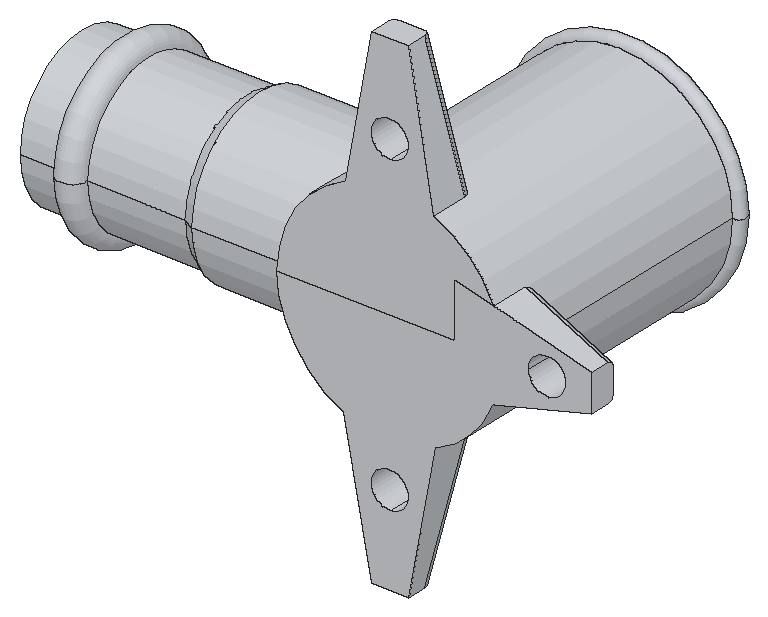
Revit family "PipeFitting_Elbow_WallPlate_PressWater-B_Conex_Female", category Pipe Fittings, Revit 2019
Family settings
  Round Connector Dimension = Use Radius
  Part Type = Elbow
  OmniClass Number = 23.60.30.11.14
  OmniClass Title = Pipework Fittings
  Work Plane-Based = No
  Always vertical = Yes
  Cut with Voids When Loaded = No
  Shared = No
Parameters (values of type "Standard_WallplateElbow")
  Z [instance] = size_lookup(Lookup Table Name, "Z", 50.00 mm, NominalDiameter_D1)  # 24.00 mm
  Uniformat IIElements = "TBC"
  URL = "http://www.conexbanninger.com.au/"
  Type Comments = "Conex Bänninger specialises in providing the best plumbing fittings and accessories across the globe by offering innovative and versatile jointing solutions. Since 1909 Conex Bänninger has produced over 10 billion copper fittings and has built its reputation for quality manufacturing, back by first-class customer service and unrivalled expertise. Passionate about excellence, Conex Bänninger is a byword for quality in the domestic, commercial, industrial, air conditioning and refrigeration markets worldwide.\r\nConex Bänninger is an ISO 9000 quality assured company, which assures you the very best in quality.\r\nConex Bänninger >B< Press is a versatile press fitting system for use with hard, half hard or soft copper tube providing a secure, life long, leak-proof joint.\r\nApproved Tools - The following tools are approved tools for installation of >B< Press fittings:\r\n•\tRomax compact (Rothenberger)\r\n•\tRomax 3000 (Rothenberger)\r\n•\tPicco (Viega)\r\n•\tPT3-AH & 4B (Viega)"
  Syambol_L [instance] = Length3 + NominalRadius_D1  # 22.50 mm
  SerialNumber [instance] = ""
  ProductCode [instance] = if(NominalDiameter_D1 = 15.00 mm, "404650", if(NominalDiameter_D1 = 20.00 mm, "404651", "ProductCode NA"))  # "404650"
  OmniclassProducts = "TBC"
  NominalRadius_D1 [instance] = NominalDiameter_D1 * 0.5  # 7.50 mm
  NominalDiameter_Rp [instance] = size_lookup(Lookup Table Name, "NominalDiameter_Rp", 50.00 mm, NominalDiameter_D1)  # 12.75 mm
  NATSPECWorkSection = "TBC"
  Model Version = "2013-03"
  Model Status [instance] = ""
  Model Specification = "BMA"
  Model = "Standard_WallplateElbow"
  Material = none
  Mark [instance] = ""
  Manufacturer = "Conex | Bänninger"  # constant formula
  NominalRadius_Rp [instance] = NominalDiameter_Rp * 0.5  # 6.375 mm
  Lookup Table Name = "Elbow_Wall Plate_PressWater-B_Conex_FEMALE"
  Length1 [instance] = size_lookup(Lookup Table Name, "Length1", 50.00 mm, NominalDiameter_D1)  # 42.00 mm
  Length3 [instance] = size_lookup(Lookup Table Name, "Length3", 50.00 mm, NominalDiameter_D1)  # 15.00 mm
  Length4 [instance] = size_lookup(Lookup Table Name, "Length4", 50.00 mm, NominalDiameter_D1)  # 18.00 mm
  Length2 [instance] = size_lookup(Lookup Table Name, "Length2", 50.00 mm, NominalDiameter_D1)  # 24.00 mm
  NominalDiameter_D1 [instance] = 15.00 mm
  FinalHHWFlow [instance] = 0.0 L/s
  Description = ">B< Press fittings are quick to fit, providing a low cost installation solution. The slimline design gives aesthetically pleasing finish with a secure, permanent joint that can´t be tampered with. >B< Press fittings are Watermark\r\n approved and certified to AS3688."
  Assembly Code = "D2090800"
Reference planes
  plane 1 "Center (Front/Back)": y = 0
  plane 2: z = 0
  plane 3 "Center (Left/Right)": x = 0
  plane 4 "Length1": x = -42
  plane 5: x = -24
  plane 6 "Length4": y = -10.5
  plane 7: y = 7.5
  plane 8 "Length3": y = 22.5
Forms (mm)
  Revolve 1, solid, material <- "Material", detail levels fine
    sketch origin (-125, -75, 0) x (1, 0, 0) y (0, 1, 0)
      loop
        line (125, 64.5) -> (137.334, 64.5) -> (137.334, 95.791)
        arc (137.334, 95.791) -> (138.188, 96.646) -> (137.334, 97.5) r 0.854
        line (137.334, 97.5) -> (131.375, 97.5) -> (131.375, 82.5) -> (125, 82.5) -> (125, 64.5)
      axis (125, 97.5) -> (125, 64.5)
    angle from 0 to 360
  Revolve 2, solid, material <- "Material", detail levels fine
    sketch origin (-125, -89, 0) x (1, 0, 0) y (0, 1, 0)
      loop
        line (83, 97.5) -> (83, 96.5) -> (125, 96.5) -> (125, 98.248) -> (102.373, 98.248) -> (101, 97.5) -> (90.313, 97.5)
        arc (90.313, 97.5) -> (88.72, 99.093) -> (87.127, 97.5) r 1.593
        line (87.127, 97.5) -> (83, 97.5)
      axis (125, 89) -> (83, 89)
    angle from 0 to 360
  Blend 3, solid, material <- "Material", detail levels fine
    base sketch origin (0.664, 4.5, 85.5) x (0, 0, -1) y (0, 1, 0)
      loop
        line (79.5, -15) -> (91.5, -15) -> (91.5, -10)
        arc (91.5, -10) -> (91.207, -9.293) -> (90.5, -9) r 1
        line (90.5, -9) -> (80.5, -9)
        arc (80.5, -9) -> (79.793, -9.293) -> (79.5, -10) r 1
        line (79.5, -10) -> (79.5, -15)
    top sketch origin (0.664, 4.5, 85.5) x (0, 0, -1) y (0, 1, 0)
      loop
        line (83.5, -15) -> (87.5, -15) -> (87.5, -12.786)
        arc (87.5, -12.786) -> (87.28, -12.256) -> (86.75, -12.036) r 0.75
        line (86.75, -12.036) -> (84.25, -12.036)
        arc (84.25, -12.036) -> (83.72, -12.256) -> (83.5, -12.786) r 0.75
        line (83.5, -12.786) -> (83.5, -15)
    from 6.329 to 21.336
  Extrusion 4, void
    sketch origin (-124.074, -91.5, 0) x (1, 0, 0) y (0, 0, 1)
      loop
        circle (141.251, 0) r 2.031
    from -92.026 to -67.08
  Blend 5, solid, material <- "Material", detail levels fine
    base sketch origin (-85.5, -1.5, 0.664) x (1, 0, 0) y (0, 1, 0)
      loop
        line (79.5, -9) -> (91.5, -9) -> (91.5, -4)
        arc (91.5, -4) -> (91.207, -3.293) -> (90.5, -3) r 1
        line (90.5, -3) -> (80.5, -3)
        arc (80.5, -3) -> (79.793, -3.293) -> (79.5, -4) r 1
        line (79.5, -4) -> (79.5, -9)
    top sketch origin (-85.5, -1.5, 0.664) x (1, 0, 0) y (0, 1, 0)
      loop
        line (83.5, -9) -> (87.5, -9) -> (87.5, -6.786)
        arc (87.5, -6.786) -> (87.28, -6.256) -> (86.75, -6.036) r 0.75
        line (86.75, -6.036) -> (84.25, -6.036)
        arc (84.25, -6.036) -> (83.72, -6.256) -> (83.5, -6.786) r 0.75
        line (83.5, -6.786) -> (83.5, -9)
    from 4.096 to 26.336
  Extrusion 6, void
    sketch origin (0, -91.5, -124.074) x (0, 0, 1) y (-1, 0, 0)
      loop
        circle (141.251, 0) r 2.031
    from -92.026 to -67.08
  Blend 7, solid, material <- "Material", detail levels fine
    base sketch origin (-85.5, -1.5, -0.664) x (0, -1, 0) y (1, 0, 0)
      loop
        line (9, 79.5) -> (9, 91.5) -> (4, 91.5)
        arc (4, 91.5) -> (3.293, 91.207) -> (3, 90.5) r 1
        line (3, 90.5) -> (3, 80.5)
        arc (3, 80.5) -> (3.293, 79.793) -> (4, 79.5) r 1
        line (4, 79.5) -> (9, 79.5)
    top sketch origin (-85.5, -1.5, -0.664) x (0, -1, 0) y (1, 0, 0)
      loop
        line (9, 83.5) -> (9, 87.5) -> (6.786, 87.5)
        arc (6.786, 87.5) -> (6.256, 87.28) -> (6.036, 86.75) r 0.75
        line (6.036, 86.75) -> (6.036, 84.25)
        arc (6.036, 84.25) -> (6.256, 83.72) -> (6.786, 83.5) r 0.75
        line (6.786, 83.5) -> (9, 83.5)
    from -5.545 to -26.336
  Extrusion 8, void
    sketch origin (0, -91.5, 124.074) x (0, 0, -1) y (1, 0, 0)
      loop
        circle (141.251, 0) r 2.031
    from -92.026 to -67.08
Cuts and joins
  Extrusion 4 cuts Blend 3
  Extrusion 6 cuts Blend 5
  Extrusion 8 cuts Blend 7
  joined: Revolve 1, Revolve 2, Blend 3, Blend 5, Blend 7
Lines and regions (mm)
  reference lines
    curve 1: line (-24, 0, 0) -> (0, 0, 0)
    curve 2: line (0, 0, 0) -> (0, 7.5, 0)
Dimensions and locks
  "Z": plane 5 to plane 3 "Center (Left/Right)"
  "Length1": plane 4 "Length1" to plane 3 "Center (Left/Right)"
  "NominalRadius_D1": plane 1 "Center (Front/Back)" to plane 7
  "Length3": plane 8 "Length3" to plane 7
  "Length4": plane 7 to plane 6 "Length4"
  locked: Revolve 2 sketch curve to Revolve 2 sketch curve at 1
  locked: plane 7 to Revolve 2 sketch curve at 1.748
  "NominalRadius_Rp": plane 3 "Center (Left/Right)" to Revolve 1 sketch curve
  radius of Revolve 1 sketch curve = 0.854 mm
  aligned and locked: level to plane 2
  aligned and locked: Revolve 2 sketch curve to Revolve 2 sketch curve
  aligned and locked: Revolve 2 sketch curve to plane 1 "Center (Front/Back)"
  aligned and locked: Revolve 2 sketch curve to plane 4 "Length1"
  aligned and locked: Revolve 1 sketch curve to plane 6 "Length4"
  aligned and locked: plane 8 "Length3" to Revolve 1 sketch curve
  aligned and locked: Revolve 1 sketch curve to plane 3 "Center (Left/Right)"
  aligned and locked: plane 5 to Revolve 2 sketch curve
  aligned and locked: Revolve 2 to plane 3 "Center (Left/Right)"
  aligned and locked: nested 1 to plane 1 "Center (Front/Back)"
  aligned and locked: nested 1 to plane 3 "Center (Left/Right)"
  aligned and locked: plane 7 to Revolve 1 sketch curve
  aligned and locked: plane 5 to curve 1
  aligned and locked: plane 3 "Center (Left/Right)" to curve 1
  aligned and locked: plane 1 "Center (Front/Back)" to curve 1
  aligned and locked: plane 7 to curve 2
  aligned and locked: plane 1 "Center (Front/Back)" to curve 2
Automatic sketch dimensions
  Blend 3 sketch curve to plane 6 "Length4" = 0.00 mm  (x2)
  level to Blend 3 sketch curve = 6.00 mm
  plane 6 "Length4" to Blend 3 sketch curve = 5.00 mm
  Blend 3 sketch curve to Blend 3 sketch curve = 1.00 mm  (x2)
  Blend 3 sketch curve to level = 5.00 mm
  level to Blend 3 sketch curve = 2.00 mm
  plane 6 "Length4" to Blend 3 sketch curve = 2.214 mm
  Blend 3 sketch curve to Blend 3 sketch curve = 0.75 mm  (x2)
  Blend 3 sketch curve to level = 1.25 mm
  Extrusion 4 sketch curve to level = 0.00 mm
  plane 3 "Center (Left/Right)" to Extrusion 4 sketch curve = 17.177 mm
  Blend 5 sketch curve to plane 6 "Length4" = 0.00 mm  (x2)
  Blend 5 sketch curve to plane 3 "Center (Left/Right)" = 6.00 mm
  plane 6 "Length4" to Blend 5 sketch curve = 5.00 mm
  Blend 5 sketch curve to Blend 5 sketch curve = 1.00 mm  (x2)
  plane 3 "Center (Left/Right)" to Blend 5 sketch curve = 5.00 mm
  Blend 5 sketch curve to plane 3 "Center (Left/Right)" = 2.00 mm
  plane 6 "Length4" to Blend 5 sketch curve = 2.214 mm
  Blend 5 sketch curve to Blend 5 sketch curve = 0.75 mm  (x2)
  plane 3 "Center (Left/Right)" to Blend 5 sketch curve = 1.25 mm
  Extrusion 6 sketch curve to plane 3 "Center (Left/Right)" = 0.00 mm
  level to Extrusion 6 sketch curve = 17.177 mm
  Blend 7 sketch curve to plane 6 "Length4" = 0.00 mm  (x2)
  Blend 7 sketch curve to plane 3 "Center (Left/Right)" = 6.00 mm
  plane 6 "Length4" to Blend 7 sketch curve = 5.00 mm  (x2)
  Blend 7 sketch curve to Blend 7 sketch curve = 1.00 mm
  plane 3 "Center (Left/Right)" to Blend 7 sketch curve = 5.00 mm
  Blend 7 sketch curve to plane 3 "Center (Left/Right)" = 2.00 mm
  plane 6 "Length4" to Blend 7 sketch curve = 2.214 mm  (x2)
  Blend 7 sketch curve to Blend 7 sketch curve = 0.75 mm
  plane 3 "Center (Left/Right)" to Blend 7 sketch curve = 1.25 mm
  Extrusion 8 sketch curve to plane 3 "Center (Left/Right)" = 0.00 mm
  Extrusion 8 sketch curve to level = 17.177 mm
  Revolve 2 sketch curve to plane 7 = 0.00 mm
  plane 4 "Length1" to Revolve 2 sketch curve = 4.127 mm
  Revolve 2 sketch curve to Revolve 2 sketch curve = 3.186 mm
  Revolve 2 sketch curve to plane 3 "Center (Left/Right)" = 0.00 mm
  Revolve 2 sketch curve to plane 5 = 9.557 mm
  plane 5 to Revolve 2 sketch curve = 1.373 mm
  plane 5 to Revolve 2 sketch curve = 8.742 mm
  Revolve 1 sketch curve to plane 3 "Center (Left/Right)" = 0.00 mm
  plane 3 "Center (Left/Right)" to Revolve 1 sketch curve = 12.334 mm
  Revolve 1 sketch curve to Revolve 1 sketch curve = 1.783 mm
  Revolve 1 sketch curve to plane 8 "Length3" = 0.125 mm
  radius of Extrusion 4 sketch curve = 2.031 mm
  radius of Extrusion 6 sketch curve = 2.031 mm
  radius of Extrusion 8 sketch curve = 2.031 mm
Nested families
  nested 1: "Elbow S" at (-42, 22.5, 0), type "Elbow S", detail levels coarse+medium
Connectors
  piping at (-24, 0, 0), diameter 15, driven by "NominalRadius_D1"
    settings: on curve 1, index 3, connector inside diameter 609.6 mm, connector length 0.00 mm, flow factor 0, pipe flow 0.0 L/s, pressure drop 0.0 Pa, fitting loss kfactor 0, connector angle 0.00°, fixture units 0, engagement length 0.00 mm, angle of deflection 0.00°, flow configuration 0, flow direction 0, fitting loss method 0, system type 28, joint type 0, gender type 0, connector reference index -1, connector utility 0, adjustable connector no, is connector primary yes, connector description ""
  piping at (0, 7.5, 0), diameter 12.75, driven by "NominalRadius_Rp"
    settings: on curve 2, index 4, connector inside diameter 609.6 mm, connector length 0.00 mm, flow factor 0, pipe flow 0.0 L/s, pressure drop 0.0 Pa, fitting loss kfactor 0, connector angle 0.00°, fixture units 0, engagement length 0.00 mm, angle of deflection 0.00°, flow configuration 0, flow direction 0, fitting loss method 0, system type 7, joint type 0, gender type 0, connector reference index -1, connector utility 0, adjustable connector no, is connector primary no, connector description ""
Definition of nested family "Elbow S"
  Parameters
    D = 15.00 mm
    CenterRadius1 = 24.00 mm
    CenterRadius = 47.00 mm
  Reference planes
    plane 1 "Center (Front/Back)": y = 0
    plane 2: z = 0
    plane 3 "Center (Left/Right)": x = 0
    plane 4: y = -24
    plane 5: x = 47
  Lines and regions (mm)
    model lines
      curve 1: line (0, -16.5, 0) -> (0, -31.5, 0)
      curve 2: line (39.5, 0, 0) -> (54.5, 0, 0)
      curve 3: arc (0, -24, 0) -> (26.922, -18.701, 0) -> (47, 0, 0) r 50.03
  Dimensions and locks
    "CenterRadius": plane 3 "Center (Left/Right)" to plane 5
    "CenterRadius1": plane 1 "Center (Front/Back)" to plane 4
    equal spacing: curve 1, plane 4, curve 1
    "D": curve 1 to curve 1
    "D": curve 2 to curve 2
    equal spacing: curve 2, plane 5, curve 2
    aligned and locked: level to plane 2
    aligned and locked: plane 1 "Center (Front/Back)" to curve 2
    aligned and locked: curve 1 to plane 3 "Center (Left/Right)"
    aligned and locked: plane 5 to curve 3
    aligned and locked: plane 4 to curve 3
  Automatic sketch dimensions
    plane 3 "Center (Left/Right)" to curve 3 = 4.169 mm
